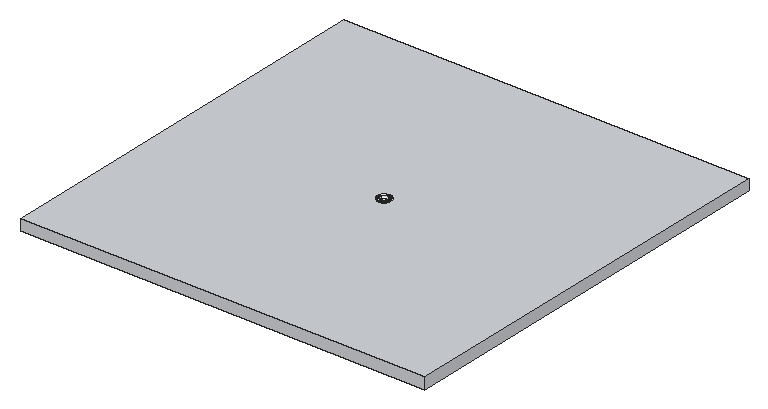
Revit family "Zumtobel MICROS2", category Lighting Fixtures, host Face, Revit 2018
Family settings
  Host = Face
  Round Connector Dimension = Use Diameter
  Part Type = Normal
  OmniClass Number = 23.80.70.11
  OmniClass Title = Luminaries for Internal Lighting
  Cut with Voids When Loaded = No
  Light Source = Yes
  Shared = No
  Room Calculation Point = No
Parameters (values of type "MICROS2 R68 Recessed")
  Width = Length  # 83.00 mm
  Wattage = 6.7321 W
  built-in parameter 1150110 = 1 (stored number, unit not read)
  Voltage = 230 V  # constant formula
  URL = "http://www.zumtobel.com/60300088"
  Type Comments = "© Zumtobel. We reserve the right to make technical changes without prior notice."  # constant formula
  built-in parameter 1114217 = 1 (stored number, unit not read)
  Tilt Angle = 0.00°
  built-in parameter 1150109 = 1 (stored number, unit not read)
  built-in parameter 1150134 = 12
  built-in parameter 1150113 = 1 (stored number, unit not read)
  R68 Surface Mount Body = no
  R68 Recessed Body = yes
  R68 = yes
  R100 Surface Mount Body = no
  R100 Recessed Body = no
  R100 = no
  Photometric Web File = "60300088_(STD_LEO).IES"
  Opening Radius = 32.00 mm
  Offset = 0.00 mm
  Note [instance] = "Angle value ranges between 20° and -20°!"  # constant formula
  Model = "60300088"
  Manufacturer = "Zumtobel Lighting"  # constant formula
  built-in parameter 1150105 = 2161.8 (stored number, unit not read)
  Lumens = 1000 lm
  built-in parameter 1150115 = 1 (stored number, unit not read)
  built-in parameter 1150137 = (empty or 0)
  built-in parameter 1150139 = (empty or 0)
  Length = 83.00 mm
  built-in parameter 1150112 = 1 (stored number, unit not read)
  built-in parameter 1150114 = 1 (stored number, unit not read)
  Lamp = "LED"
  built-in parameter 1150132 = 2
  built-in parameter 1150102 = (empty or 0)
  built-in parameter 1150107 = 4000 (stored number, unit not read)
  built-in parameter 1150138 = (empty or 0)
  built-in parameter 1150106 = 21.618 (stored number, unit not read)
  Height = 120.00 mm
  built-in parameter 1150104 = 13.8 (stored number, unit not read)
  Dimming Lamp Color Temperature Shift = <None>
  Description = "LED surface mount luminaire"
  Color Filter = 16777215
  Body [instance] = ZG_Metal_White
  built-in parameter 1114218 = 1 (stored number, unit not read)
  built-in parameter 1150133 = 10 (stored number, unit not read)
  Apparent Load = 8.4 VA
  Angle Value [instance] = -Angle  # 0.00°
  Angle [instance] = 0.00°
  Default Elevation = 0.00 mm
  Assembly Code = "D5020200"
Types (4, lengths in mm): name | Width | Wattage | URL | Tilt Angle | R68 Surface Mount Body | R68 Recessed Body | R68 | R100 Surface Mount Body | R100 Recessed Body | R100 | Photometric Web File | Opening Radius | Offset | Model | built-in parameter 1150105 | Lumens | Length | built-in parameter 1150106 | Height | Description | Apparent Load
  MICROS2 R100 Recessed | 112.00 | 10.0982 W | "http://www.zumtobel.com/60300078" | 35.00° | no | no | no | no | yes | yes | "60300078_(STD_LEO).IES" | 50.00 | 0.00 | "60300078" | 119.37 (stored number, unit not read) | 1500 lm | 112.00 | 1.1937 (stored number, unit not read) | 74.00 | "LED ceiling-recessed luminaire" | 12.3 VA
  MICROS2 R68 Recessed | 83.00 | 6.7321 W | "http://www.zumtobel.com/60300088" | 0.00° | no | yes | yes | no | no | no | "60300088_(STD_LEO).IES" | 32.00 | 0.00 | "60300088" | 2161.8 (stored number, unit not read) | 1000 lm | 83.00 | 21.618 (stored number, unit not read) | 120.00 | "LED surface mount luminaire" | 8.4 VA
  MICROS2 R100 Surface Mount | 115.00 | 11.4446 W | "http://www.zumtobel.com/60819444" | 35.00° | no | no | no | yes | no | yes | "60819444_(STD_LEO).IES" | 32.00 | 140.00 | "60819444" | 2104.3 (stored number, unit not read) | 1700 lm | 115.00 | 21.043 (stored number, unit not read) | 140.00 | "LED surface mount luminaire" | 15 VA
  MICROS2 R68 Surface Mount | 83.00 | 6.05889 W | "http://www.zumtobel.com/60819294" | 35.00° | yes | no | yes | no | no | no | "60819294_(STD_LEO).IES" | 32.00 | 120.00 | "60819294" | 71.62 (stored number, unit not read) | 900 lm | 83.00 | 0.7162 (stored number, unit not read) | 120.00 | "LED surface mount luminaire" | 8.4 VA
Reference planes
  plane 1 "Center (Front/Back)": y = 0
  plane 2: z = 0
  plane 3 "Center (Left/Right)": x = 0
  plane 4 "Clip 1": x = -44.684
  plane 5 "Clip 2": x = 44.684
  plane 6 "Axis 1": y = 44.684
  plane 7 "Axis 2": y = -44.684
  plane 8: z = 0
  plane 9: z = 2.685
  plane 10: z = -16.28
  plane 11: z = -100
  plane 12: x = -57.5
Forms (mm)
  Extrusion 1, solid
    sketch origin (0, 0, 0) x (1, 0, 0) y (0, 1, 0)
      loop
        line (-1219.2, 1219.2) -> (-1219.2, -1219.2) -> (1219.2, -1219.2) -> (1219.2, 1219.2) -> (-1219.2, 1219.2)
    from 0 to -66.193
  Extrusion 2, void
    sketch origin (0, 0, 0) x (1, 0, 0) y (0, 1, 0)
      loop
        circle (0, 0) r 32
    from 0 to -100
  Revolve 3, solid, material "ZG_Metal_White" <- "Body", visible <- "R100 Recessed Body"
    sketch origin (0, 0, 0) x (1, 0, 0) y (0, 0, 1)
      loop
        line (-55.196, 2.685) -> (-56, 1.881) -> (-54.119, 0) -> (-44.684, 0) -> (-44.684, -10.914) -> (-43.684, -10.914) -> (-43.684, 0) -> (-41.485, 0) -> (-40.386, 2.685) -> (-55.196, 2.685)
      axis (0, 2.685) -> (0, -10.914)
    angle from 0 to 360
  Revolve 4, solid, material "ZG_Metal_White" <- "Body", visible <- "R100"
    sketch origin (0, 0, -16.28) x (0, 0, 1) y (-1, 0, 0)
      loop
        arc (1.211, 26.698) -> (9.594, 33.592) -> (19.478, 38.076) r 41.495
        line (19.478, 38.076) -> (19.478, 39.12)
        arc (19.478, 39.12) -> (12.077, 41.014) -> (4.453, 41.493) r 40.732
        line (4.453, 41.493) -> (-5.364, 31.676) -> (-5.364, 29.802) -> (-57.722, 25.793) -> (-57.722, 0) -> (-12.952, 0) -> (-12.952, 19.982)
        arc (-12.952, 19.982) -> (-6.229, 24.095) -> (1.211, 26.698) r 37.145
      axis (19.478, 0) -> (-57.722, 0)
    angle from 0 to 360
  Extrusion 5, solid, material "ZG_Metal_White" <- "Body", visible <- "R100 Recessed Body", detail levels fine
    sketch origin (-44.684, 0, 136.479) x (0, 0, 1) y (0, -1, 0)
      loop
        line (-136.479, -10) -> (-136.479, 10) -> (-160.621, 10) -> (-160.621, 7.5) -> (-158.121, 7.5) -> (-158.121, -7.5) -> (-160.621, -7.5) -> (-160.621, -10) -> (-136.479, -10)
    from 0 to -2
  Extrusion 6, solid, material "ZG_Metal_White" <- "Body", visible <- "R100 Recessed Body", detail levels fine
    sketch origin (44.684, 0, 136.479) x (0, 0, 1) y (0, 1, 0)
      loop
        line (-136.479, 10) -> (-160.621, 10) -> (-160.621, 7.5) -> (-158.121, 7.5) -> (-158.121, -7.5) -> (-160.621, -7.5) -> (-160.621, -10) -> (-136.479, -10) -> (-136.479, 10)
    from 0 to -2
  Revolve 7, solid, material "ZG_Metal_White" <- "Body", visible <- "R68"
    sketch origin (0, 0, -16.28) x (0, 0, 1) y (-1, 0, 0)
      loop
        arc (-9.434, 7.5) -> (-2.286, 12.127) -> (5.729, 15.002) r 37.095
        arc (5.729, 15.002) -> (12.021, 19.82) -> (19.478, 22.5) r 25.781
        line (19.478, 22.5) -> (19.478, 23.5)
        arc (19.478, 23.5) -> (12.147, 25.833) -> (4.459, 26.102) r 28.262
        line (4.459, 26.102) -> (1.15, 22.794) -> (1.15, 20.861) -> (-32.722, 18.749) -> (-32.722, 0) -> (-9.434, 0) -> (-9.434, 7.5)
      axis (19.478, 0) -> (-32.722, 0)
    angle from 0 to 360
  Revolve 8, solid, material "ZG_Metal_White" <- "Body", visible <- "R68 Recessed Body"
    sketch origin (0, 0, 136.479) x (1, 0, 0) y (0, 0, 1)
      loop
        line (-39.195, -133.794) -> (-39.999, -134.598) -> (-38.118, -136.479) -> (-28.683, -136.479) -> (-28.683, -144.045) -> (-27.683, -144.045) -> (-27.683, -136.479) -> (-26.11, -136.479) -> (-25.011, -133.794) -> (-39.195, -133.794)
      axis (0, -133.794) -> (0, -144.045)
    angle from 0 to 360
Lines and regions (mm)
  reference lines
    curve 1: line (0, 0, -16.28) -> (0, 0, 18.72)
Dimensions and locks
  "Offset": plane 8 to plane 2
  locked: plane 9 to Revolve 3 sketch curve at 13.599
  locked: plane 8 to plane 10 at 16.28
  locked: plane 9 to plane 8 at 2.685
  plane 8 to Extrusion 5 sketch curve to Extrusion 5 sketch curve = 21.642 mm locked, 2.50 mm locked
  plane 8 to Extrusion 6 sketch curve to Extrusion 6 sketch curve = 21.642 mm locked, 2.50 mm locked
  locked: plane 8 to plane 11 at 100
  "Opening Radius": radius of Extrusion 2 sketch curve
  "Angle": angle curve 1 to plane 3 "Center (Left/Right)"
  aligned and locked: plane 2 to Extrusion 1
  aligned and locked: level to Extrusion 1
  aligned and locked: plane 1 "Center (Front/Back)" to Extrusion 2 sketch curve
  aligned and locked: plane 3 "Center (Left/Right)" to Extrusion 2 sketch curve
  aligned and locked: plane 8 to Revolve 3 sketch curve  (x2)
  aligned and locked: plane 9 to Revolve 3 sketch curve
  aligned and locked: plane 3 "Center (Left/Right)" to curve 1
  aligned and locked: plane 10 to curve 1
  aligned and locked: plane 9 to Revolve 8 sketch curve
  aligned and locked: plane 8 to Revolve 8 sketch curve  (x2)
  aligned and locked: Extrusion 5 sketch curve to plane 8
  aligned and locked: Extrusion 5 sketch curve to Extrusion 5 sketch curve
  aligned and locked: Extrusion 6 sketch curve to plane 8
  aligned and locked: Extrusion 6 sketch curve to Extrusion 6 sketch curve
  aligned and locked: plane 8 to Extrusion 2
  aligned and locked: Extrusion 2 to plane 11
  aligned and locked: imposter light to plane 10
  aligned and locked: imposter light to plane 1 "Center (Front/Back)"
  aligned and locked: plane 3 "Center (Left/Right)" to nested 1
Automatic sketch dimensions
  Extrusion 1 sketch curve to Extrusion 1 sketch curve = 2438.40 mm  (x2)
  Revolve 3 sketch curve to plane 4 "Clip 1" = 0.00 mm
  Revolve 3 sketch curve to plane 3 "Center (Left/Right)" = 0.00 mm
  plane 12 to Revolve 3 sketch curve = 3.381 mm
  plane 12 to Revolve 3 sketch curve = 2.304 mm
  plane 9 to Revolve 3 sketch curve = 0.804 mm
  plane 4 "Clip 1" to Revolve 3 sketch curve = 1.00 mm
  Revolve 3 sketch curve to Revolve 3 sketch curve = 2.199 mm
  Revolve 3 sketch curve to Revolve 3 sketch curve = 1.099 mm
  level to Revolve 3 sketch curve = 22.685 mm
  level to Revolve 3 sketch curve = 7.685 mm
  curve 1 to Revolve 4 sketch curve = 0.00 mm
  Revolve 4 sketch curve to curve 1 = 0.00 mm  (x2)
  Revolve 4 sketch curve to curve 1 = 3.467 mm
  Revolve 4 sketch curve to curve 1 = 15.522 mm
  curve 1 to Revolve 4 sketch curve = 9.686 mm
  Revolve 4 sketch curve to curve 1 = 0.781 mm
  curve 1 to Revolve 4 sketch curve = 5.724 mm
  curve 1 to Revolve 4 sketch curve = 4.453 mm
  Revolve 4 sketch curve to curve 1 = 5.364 mm
  Revolve 4 sketch curve to curve 1 = 12.952 mm
  Revolve 4 sketch curve to Revolve 4 sketch curve = 44.77 mm
  curve 1 to Revolve 4 sketch curve = 1.629 mm
  curve 1 to Revolve 4 sketch curve = 9.467 mm
  curve 1 to Revolve 4 sketch curve = 19.982 mm
  Revolve 4 sketch curve to Revolve 4 sketch curve = 25.793 mm
  curve 1 to Revolve 4 sketch curve = 29.802 mm
  Revolve 4 sketch curve to Revolve 4 sketch curve = 1.874 mm
  curve 1 to Revolve 4 sketch curve = 38.076 mm
  Revolve 4 sketch curve to Revolve 4 sketch curve = 1.044 mm
  Revolve 4 sketch curve to Revolve 4 sketch curve = 14.478 mm
  Extrusion 5 sketch curve to plane 1 "Center (Front/Back)" = 10.00 mm
  Extrusion 5 sketch curve to Extrusion 5 sketch curve = 2.50 mm  (x2)
  plane 1 "Center (Front/Back)" to Extrusion 5 sketch curve = 7.50 mm
  plane 1 "Center (Front/Back)" to Extrusion 6 sketch curve = 10.00 mm
  Extrusion 6 sketch curve to Extrusion 6 sketch curve = 2.50 mm  (x2)
  Extrusion 6 sketch curve to plane 1 "Center (Front/Back)" = 7.50 mm
  curve 1 to Revolve 7 sketch curve = 0.00 mm
  Revolve 7 sketch curve to curve 1 = 0.00 mm  (x2)
  curve 1 to Revolve 7 sketch curve = 2.814 mm
  Revolve 7 sketch curve to curve 1 = 10.636 mm
  Revolve 7 sketch curve to curve 1 = 15.522 mm
  curve 1 to Revolve 7 sketch curve = 14.164 mm
  curve 1 to Revolve 7 sketch curve = 2.014 mm
  curve 1 to Revolve 7 sketch curve = 7.322 mm
  curve 1 to Revolve 7 sketch curve = 4.459 mm
  curve 1 to Revolve 7 sketch curve = 1.15 mm
  Revolve 7 sketch curve to curve 1 = 9.434 mm
  Revolve 7 sketch curve to Revolve 7 sketch curve = 23.288 mm
  Revolve 7 sketch curve to curve 1 = 21.121 mm
  Revolve 7 sketch curve to Revolve 7 sketch curve = 7.50 mm
  Revolve 7 sketch curve to Revolve 7 sketch curve = 18.749 mm
  curve 1 to Revolve 7 sketch curve = 20.861 mm
  Revolve 7 sketch curve to Revolve 7 sketch curve = 1.639 mm
  curve 1 to Revolve 7 sketch curve = 22.794 mm
  Revolve 7 sketch curve to Revolve 7 sketch curve = 1.00 mm
  curve 1 to Revolve 7 sketch curve = 14.478 mm
  Revolve 8 sketch curve to plane 3 "Center (Left/Right)" = 0.00 mm
  plane 4 "Clip 1" to Revolve 8 sketch curve = 19.672 mm
  Revolve 8 sketch curve to Revolve 8 sketch curve = 1.099 mm
  Revolve 8 sketch curve to Revolve 8 sketch curve = 1.573 mm
  Revolve 8 sketch curve to Revolve 8 sketch curve = 1.00 mm
  plane 4 "Clip 1" to Revolve 8 sketch curve = 6.565 mm
  Revolve 8 sketch curve to Revolve 8 sketch curve = 1.077 mm
  plane 9 to Revolve 8 sketch curve = 0.804 mm
  Revolve 8 sketch curve to plane 8 = 7.566 mm
  plane 10 to Revolve 8 sketch curve = 24.556 mm
  Revolve 8 sketch curve to Revolve 8 sketch curve = 15.00 mm
Nested families
  nested 1: "Micros Surface Mount Body" at (0, 0, 0), Body <- "Body", type "Micros Surface Mount Body"
    with Body ZG_Metal_White
Definition of nested family "Micros Surface Mount Body"
  Parameters (values of type "Micros Surface Mount Body")
    R68 Surface Mount Body = yes
    R100 Surface Mount Body = no
    Body [instance] = none
  Reference planes
    plane 1 "Light Source Axis (F/B)": y = 0
    plane 2: z = 0
    plane 3 "Light Source Axis (L/R)": x = 0
    plane 4 "Light Source Elevation": z = 0
  Forms (mm)
    Revolve 1, solid, material <- "Body", visible <- "R68 Surface Mount Body"
      sketch origin (0, 0, -16.28) x (0.34202, 0, 0.939693) y (-0.939693, 0, 0.34202)
        loop
          line (116.687, 86.634) -> (3.923, 45.591) -> (10.764, 26.798) -> (7.945, 25.771) -> (15.298, 5.568) -> (19.527, 7.107) -> (5.846, 44.695) -> (115.79, 84.711) -> (120.749, 71.086) -> (122.159, 71.599) -> (116.687, 86.634)
        axis (130.88, 47.637) -> (15.298, 5.568)
      angle from 0 to 360
    Revolve 2, solid, material <- "Body", visible <- "R100 Surface Mount Body"
      sketch origin (0, 0, -16.28) x (0.34202, 0, 0.939693) y (-0.939693, 0, 0.34202)
        loop
          line (130.008, 108.509) -> (-1.549, 60.626) -> (5.292, 41.833) -> (2.472, 40.807) -> (15.298, 5.568) -> (19.527, 7.107) -> (0.374, 59.73) -> (129.112, 106.587) -> (134.413, 92.021) -> (135.822, 92.535) -> (130.008, 108.509)
        axis (149.674, 54.477) -> (15.298, 5.568)
      angle from 0 to 360
  Dimensions and locks
    aligned and locked: level to plane 2
